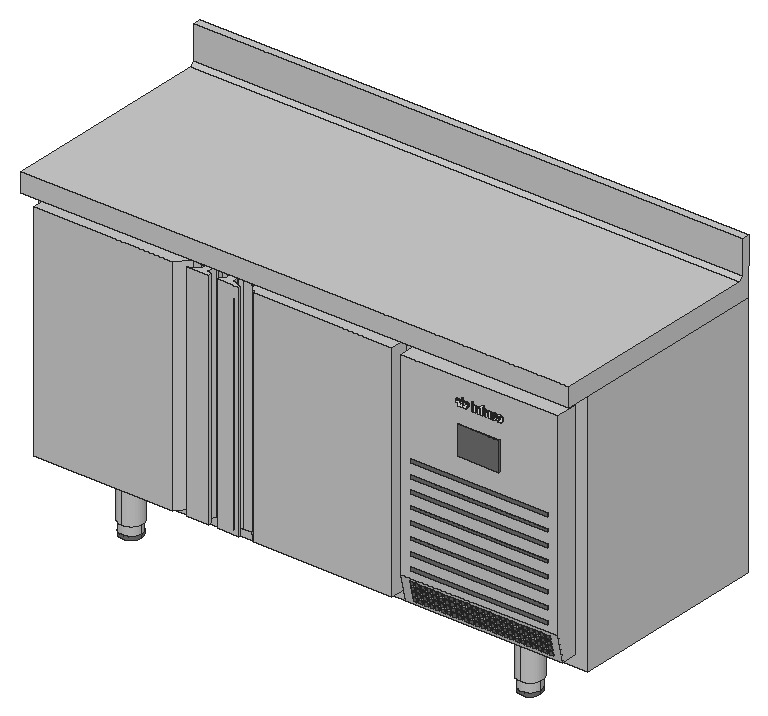
Revit family "QF_INFRICO_BMPP1500BT_250808034916", category Specialty Equipment, Revit 2021
Family settings
  Round Connector Dimension = Use Diameter
  Part Type = Normal
  OmniClass Number = 23.40.40.14
  OmniClass Title = Food Service Equipment
  Work Plane-Based = No
  Always vertical = Yes
  Cut with Voids When Loaded = No
  Shared = No
  Room Calculation Point = No
Parameters (values of type "BMPP1500BT")
  Weight [instance] = 125.00 kg
  Waste Water Discharge Temperature [instance] = 0 °C
  Waste Remarks [instance] = ""
  Warranty Start Date [instance] = ""
  Warranty Duration [instance] = ""
  Volts [instance] = 230 V
  Volt Free Conn [instance] = no
  URL Recommended Spares List [instance] = ""
  URL Manufacturer [instance] = ""
  URL Cutsheet [instance] = ""
  URL Critical Spares List [instance] = ""
  URL = "www.infrico.com"
  Technical Documentation [instance] = ""
  Tag Number [instance] = ""
  Status [instance] = ""
  Start Up Current [instance] = 0 A
  Specification by User [instance] = ""
  Specification by Manufacturer [instance] = ""
  Sound Level [instance] = ""
  Show Logo [instance] = yes
  Show Clearances [instance] = yes
  Service Life Duration [instance] = ""
  Serial Number [instance] = ""
  Seismic Rating [instance] = ""
  SMACNA No [instance] = ""
  Revision Code [instance] = ""
  Revision [instance] = ""
  Production Year [instance] = ""
  Potential Equalisation [instance] = no
  Point Load [instance] = 0
  Plumbing Connection Type [instance] = ""
  Phase [instance] = 1
  Other Equipment Approvals [instance] = ""
  Operational Current [instance] = 0 A
  Number of Poles [instance] = 2
  No Load Power Draw [instance] = no
  NAFEM Spec ID Number [instance] = ""
  Model Warning [instance] = ""
  Model = "BMPP1500BT"
  Min Ckt Ampacity [instance] = 0 A
  Max Overcurrent Protection [instance] = 0 A
  Masterspec [instance] = ""
  Manufacturer = "INFRICO"
  Main switch integrated [instance] = no
  Length Actual [instance] = 1468 mm
  Item Number [instance] = ""
  Installed By [instance] = ""
  Installation Date [instance] = ""
  Indirect Waste Size [instance] = 19.05 mm
  Indirect Waste Remarks [instance] = ""
  Indirect Waste Flow [instance] = 0.0 L/s
  Indirect Waste Connection Type [instance] = ""
  Indirect Waste Connection Height [instance] = 0 mm
  Identify Quantity as Lot [instance] = no
  ID [instance] = ""
  Hygiene Approval [instance] = ""
  Height Actual [instance] = 850 mm
  HP power [instance] = ""
  Furnished By [instance] = ""
  Foodservice Equipment Identifier [instance] = no
  FL Amps [instance] = 0 A
  Electrical Remarks [instance] = ""
  Electric power [instance] = 460 W
  Electric Connection Type [instance] = ""
  Elec Conn RI Height [instance] = 0 mm
  Elec Conn Connection Height [instance] = 0 mm
  ETL Approved [instance] = no
  Direct Waste Water Discharge Temperature [instance] = -273.15 °C
  Direct Waste Size [instance] = 19.05 mm
  Direct Waste RI Height [instance] = 0 mm
  Direct Waste Flow [instance] = 0.0 L/s
  Direct Waste Connection Height [instance] = 0 mm
  Description = "UNDERCOUNTER FREEZER 600 SERIES - R290"
  Depth Actual [instance] = 600 mm
  Default Elevation = 0 mm
  Cycle [instance] = 50 Hz
  Cost = 0
  Connection to energy optimisation system [instance] = yes
  Conn Plug [instance] = ""
  Conn Conduit [instance] = no
  Centralized building control system with digital interface [instance] = ""
  CSI MasterFormat [instance] = ""
  CE Approved [instance] = no
  Barcode [instance] = 0
  Author [instance] = ""
  Asset Identifier [instance] = ""
  Apparent Power [instance] = 460 VA
  Accessory [instance] = no
Reference planes
  plane 1 "Center (Front/Back)": y = 0
  plane 2: z = 0
  plane 3 "Center (Left/Right)": x = 0
Forms (mm)
  Extrusion 1, solid, not visible
    sketch origin (540.026, -112.005, 142.007) x (1, 0, 0) y (0, 1, 0)
      loop
        line (-2, 2) -> (-2, -2) -> (2, -2) -> (2, 2) -> (-2, 2)
    from -2 to 2
  Extrusion 2, solid, not visible
    sketch origin (1406.569, -61.503, 142.007) x (1, 0, 0) y (0, 1, 0)
      loop
        line (-2, 2) -> (-2, -2) -> (2, -2) -> (2, 2) -> (-2, 2)
    from -2 to 2
Dimensions and locks
  locked: nested 2 to Extrusion 1 at 2  (x2)
  locked: nested 3 to Extrusion 2 at 2  (x2)
  aligned and locked: level to plane 2
Nested families
  nested 1: "QF_INFRICO_BMPP1500_2920" at (0, 0, 140), type "BMPP1500BT"
    with Weight 125.00 kg, Warranty Start Date "", Warranty Duration "", URL Cutsheet "", Technical Documentation "", Tag Number "", Status "", Specification by User "", Specification by Manufacturer "", Sound Level "", Solid Fuel Type "", Show Logo yes, Show Clearances yes, Show Clearance yes, Service Life Duration "", Serial Number "", Seismic Rating "", SMACNA No "", Revision Code "", Revision "", Production Year "", Point Load 0, Other Equipment Approvals "", NAFEM Spec ID Number "", Model Warning "", Masterspec "", Length Actual 1468 mm, Item Number "", Installed By "", Installation Date "", Identify Quantity as Lot yes, ID "", Hygiene Approval "", Height Actual 850 mm, Furnished By "", Foodservice Equipment Identifier yes, ETL Approved yes, Depth Actual 600 mm, CSI MasterFormat "", CE Approved no, Barcode "", Author "", Asset Identifier "", Accessory no
  nested 2: "CONN_POINT_DRAIN_2D___Generic_Annotation" at (540.026, -112.005, 140.007), type "CONN_POINT_DRAIN_2D___Generic_Annotation"
    with Onboard connection annotation symbol visibility yes
  nested 3: "CONN_POINT_ELE_2D___Generic_Annotation" at (1406.569, -61.503, 140.007), type "CONN_POINT_ELE_2D___Generic_Annotation"
    with Onboard connection annotation symbol visibility yes
  nested 4: "QF_INFRICO_BMGN_DOOR_SX_4844" at (22, -538, 168), type "BMGN_DOOR_SX"
    with Weight 0.00 kg, Warranty Start Date "", Warranty Duration "", URL Cutsheet "", Technical Documentation "", Tag Number "", Status "", Specification by User "", Specification by Manufacturer "", Sound Level "", Solid Fuel Type "", Show Logo yes, Show Clearances yes, Show Clearance yes, Service Life Duration "", Serial Number "", Seismic Rating "", SMACNA No "", Revision Code "", Revision "", Production Year "", Point Load 0, Other Equipment Approvals "", NAFEM Spec ID Number "", Model Warning "", Masterspec "", Length Actual 467 mm, Item Number "", Installed By "", Installation Date "", Identify Quantity as Lot yes, ID "", Hygiene Approval "", Height Actual 597 mm, Furnished By "", Foodservice Equipment Identifier yes, ETL Approved yes, Depth Actual 54 mm, CSI MasterFormat "", CE Approved no, Barcode "", Author "", Asset Identifier "", Accessory yes
  nested 5: "QF_INFRICO_BMGN_DOOR_DX_5625" at (514, -538, 168), type "BMGN_DOOR_DX"
    with Weight 0.00 kg, Warranty Start Date "", Warranty Duration "", URL Cutsheet "", Technical Documentation "", Tag Number "", Status "", Specification by User "", Specification by Manufacturer "", Sound Level "", Solid Fuel Type "", Show Logo yes, Show Clearances yes, Show Clearance yes, Service Life Duration "", Serial Number "", Seismic Rating "", SMACNA No "", Revision Code "", Revision "", Production Year "", Point Load 0, Other Equipment Approvals "", NAFEM Spec ID Number "", Model Warning "", Masterspec "", Length Actual 467 mm, Item Number "", Installed By "", Installation Date "", Identify Quantity as Lot yes, ID "", Hygiene Approval "", Height Actual 597 mm, Furnished By "", Foodservice Equipment Identifier yes, ETL Approved yes, Depth Actual 54 mm, CSI MasterFormat "", CE Approved no, Barcode "", Author "", Asset Identifier "", Accessory yes
  nested 6: "QF_INFRICO_WORKTOP_BACKSPLASH_6402" at (0, 0, 800), type "ENC12CPBM15"
    with Weight 0.00 kg, Warranty Start Date "", Warranty Duration "", URL Cutsheet "", Technical Documentation "", Tag Number "", Status "", Specification by User "", Specification by Manufacturer "", Sound Level "", Solid Fuel Type "", Show Logo yes, Show Clearances yes, Show Clearance yes, Service Life Duration "", Serial Number "", Seismic Rating "", SMACNA No "", Revision Code "", Revision "", Production Year "", Point Load 0, Other Equipment Approvals "", NAFEM Spec ID Number "", Model Warning "", Masterspec "", Length Actual 1468 mm, Item Number "", Installed By "", Installation Date "", Identify Quantity as Lot yes, ID "", Hygiene Approval "", Height Actual 150 mm, Furnished By "", Foodservice Equipment Identifier yes, ETL Approved yes, Depth Actual 600 mm, CSI MasterFormat "", CE Approved no, Barcode "", Author "", Asset Identifier "", Accessory yes
  nested 7: "QF_INFRICO_LEGS_7238" at (0, 0, 0), type "LEGS_1470_600"
    with Weight 0.00 kg, Warranty Start Date "", Warranty Duration "", URL Cutsheet "", Technical Documentation "", Tag Number "", Status "", Specification by User "", Specification by Manufacturer "", Sound Level "", Solid Fuel Type "", Show Logo yes, Show Clearances yes, Show Clearance yes, Service Life Duration "", Serial Number "", Seismic Rating "", SMACNA No "", Revision Code "", Revision "", Production Year "", Point Load 0, Other Equipment Approvals "", NAFEM Spec ID Number "", Model Warning "", Masterspec "", Length Actual 1468 mm, Item Number "", Installed By "", Installation Date "", Identify Quantity as Lot yes, ID "", Hygiene Approval "", Height Actual 140 mm, Furnished By "", Foodservice Equipment Identifier yes, ETL Approved yes, Depth Actual 600 mm, CSI MasterFormat "", CE Approved no, Barcode "", Author "", Asset Identifier "", Accessory yes
Connectors
  piping at (540.026, -112.005, 140.007), diameter 19.05, driven by "Indirect Waste Size", driven by "Direct Waste Flow"
    settings: on Extrusion 1, index 1, connector inside diameter 609.6 mm, connector length 0 mm, flow factor 0, pipe flow 0.0 L/s, pressure drop 0.0 Pa, fitting loss kfactor 0, connector angle 0.00°, fixture units 0, engagement length 0 mm, angle of deflection 0.00°, flow configuration 1, flow direction 2, fitting loss method 0, system type 16, joint type 0, gender type 0, connector reference index -1, connector utility 0, adjustable connector no, is connector primary yes, connector description "Waste connection for BMPP1500BT"
  electrical at (1406.569, -61.503, 140.007), driven by "Apparent Power", driven by "Number of Poles", driven by "Volts"
    settings: on Extrusion 2, index 2, voltage 230 V, apparent load 0 VA, apparent load phase1 460 VA, apparent load phase2 0 VA, apparent load phase3 0 VA, power factor 1, load classification "Other", number of poles 2, system type 31, power factor state 1, is connector primary yes, connector utility no, sub classification motor no, connector description "Electrical connection for BMPP1500BT"
Definition of nested family "QF_INFRICO_BMPP1500_2920"
  Parameters (values of type "BMPP1500BT")
    Weight [instance] = 0.00 kg
    Warranty Start Date [instance] = ""
    Warranty Duration [instance] = ""
    URL Cutsheet [instance] = ""
    URL = "www.infrico.com"
    Technical Documentation [instance] = ""
    Tag Number [instance] = ""
    Status [instance] = ""
    Specification by User [instance] = ""
    Specification by Manufacturer [instance] = ""
    Sound Level [instance] = ""
    Solid Fuel Type [instance] = ""
    Show Logo [instance] = yes
    Show Clearances [instance] = yes
    Show Clearance [instance] = yes
    Service Life Duration [instance] = ""
    Serial Number [instance] = ""
    Seismic Rating [instance] = ""
    SMACNA No [instance] = ""
    Revision Code [instance] = ""
    Revision [instance] = ""
    Production Year [instance] = ""
    Point Load [instance] = 0
    Other Equipment Approvals [instance] = ""
    NAFEM Spec ID Number [instance] = ""
    Model Warning [instance] = ""
    Model = "BMPP1500BT"
    Masterspec [instance] = ""
    Manufacturer = "INFRICO"
    Length Actual [instance] = 0 mm
    Item Number [instance] = ""
    Installed By [instance] = ""
    Installation Date [instance] = ""
    Identify Quantity as Lot [instance] = yes
    ID [instance] = ""
    Hygiene Approval [instance] = ""
    Height Actual [instance] = 0 mm
    Furnished By [instance] = ""
    Foodservice Equipment Identifier [instance] = yes
    ETL Approved [instance] = yes
    Description = "UNDERCOUNTER FREEZER 600 SERIES - R290"
    Depth Actual [instance] = 0 mm
    Default Elevation = 0 mm
    CSI MasterFormat [instance] = ""
    CE Approved [instance] = yes
    Barcode [instance] = ""
    Author [instance] = ""
    Asset Identifier [instance] = ""
    Assembly Code = "E1090320"
    Accessory [instance] = yes
  Types (6, lengths in mm): name | Model | Description
    BMPP1500II | "BMPP1500II" | "UNDERCOUNTER REFRIGERATOR 600 SERIES - R134A"
    BMPP1500BT | "BMPP1500BT" | "UNDERCOUNTER FREEZER 600 SERIES - R290"
    BMPP1500CR | "BMPP1500CR" | "GLASS DOOR UNDERCOUNTER REFRIGERATOR 600 SERIES - R134A"
    BMPPF1500II | "BMPPF1500II" | "SINK UNDERCOUNTER REFRIGERATOR 600 SERIES - R134A"
    BMPP1500II-R290 | "BMPP1500II" | "UNDERCOUNTER REFRIGERATOR 600 SERIES - R290"
    BMPPF1500II-R290 | "BMPPF1500II" | "SINK UNDERCOUNTER REFRIGERATOR 600 SERIES - R290"
  Reference planes
    plane 1 "Back": y = 0
    plane 2: z = 0
    plane 3 "Left": x = 0
    plane 4 "Right": x = 1468
    plane 5 "Front": y = -600
    plane 6 "Top": z = 660
  Forms (mm)
    Extrusion 1, solid
      sketch origin (0, 100, -140) x (0, 1, 0) y (0, 0, 1)
        loop
          line (-638.02, 765.292) -> (-695.03, 765.292) -> (-695.03, 238.436) -> (-678.769, 168) -> (-638.02, 168) -> (-638.02, 765.292)
      from 1013.993 to 1433.993
    Extrusion 2, solid
      sketch origin (-2000, -593.13, -140) x (1, 0, 0) y (0, 0, 1)
        loop
          line (3408.016, 523.949) -> (3040.73, 523.949) -> (3040.73, 514.949) -> (3408.016, 514.949) -> (3408.016, 523.949)
        loop
          line (3408.016, 486.949) -> (3040.73, 486.949) -> (3040.73, 477.949) -> (3408.016, 477.949) -> (3408.016, 486.949)
        loop
          line (3408.016, 449.949) -> (3040.73, 449.949) -> (3040.73, 440.949) -> (3408.016, 440.949) -> (3408.016, 449.949)
        loop
          line (3408.016, 412.949) -> (3040.73, 412.949) -> (3040.73, 403.949) -> (3408.016, 403.949) -> (3408.016, 412.949)
        loop
          line (3408.016, 375.949) -> (3040.73, 375.949) -> (3040.73, 366.949) -> (3408.016, 366.949) -> (3408.016, 375.949)
        loop
          line (3408.016, 338.949) -> (3040.73, 338.949) -> (3040.73, 329.949) -> (3408.016, 329.949) -> (3408.016, 338.949)
        loop
          line (3408.016, 301.949) -> (3040.73, 301.949) -> (3040.73, 292.949) -> (3408.016, 292.949) -> (3408.016, 301.949)
        loop
          line (3408.016, 264.949) -> (3040.73, 264.949) -> (3040.73, 255.949) -> (3408.016, 255.949) -> (3408.016, 264.949)
      from 0 to 2
    Extrusion 3, solid
      sketch origin (-2000, -539.263, -134.673) x (1, 0, 0) y (0, -0.224951, 0.97437)
        loop
          line (3036.73, 215.974) -> (3036.73, 205.974) -> (3046.73, 205.974) -> (3046.73, 215.974) -> (3036.73, 215.974)
        loop
          line (3036.73, 230.769) -> (3036.73, 220.769) -> (3046.73, 220.769) -> (3046.73, 230.769) -> (3036.73, 230.769)
        loop
          line (3036.73, 186.385) -> (3036.73, 176.385) -> (3046.73, 176.385) -> (3046.73, 186.385) -> (3036.73, 186.385)
        loop
          line (3036.73, 201.179) -> (3036.73, 191.179) -> (3046.73, 191.179) -> (3046.73, 201.179) -> (3036.73, 201.179)
        loop
          line (3051.938, 215.974) -> (3051.938, 205.974) -> (3061.938, 205.974) -> (3061.938, 215.974) -> (3051.938, 215.974)
        loop
          line (3051.938, 230.769) -> (3051.938, 220.769) -> (3061.938, 220.769) -> (3061.938, 230.769) -> (3051.938, 230.769)
        loop
          line (3051.938, 186.385) -> (3051.938, 176.385) -> (3061.938, 176.385) -> (3061.938, 186.385) -> (3051.938, 186.385)
        loop
          line (3051.938, 201.179) -> (3051.938, 191.179) -> (3061.938, 191.179) -> (3061.938, 201.179) -> (3051.938, 201.179)
        loop
          line (3067.147, 215.974) -> (3067.147, 205.974) -> (3077.147, 205.974) -> (3077.147, 215.974) -> (3067.147, 215.974)
        loop
          line (3067.147, 230.769) -> (3067.147, 220.769) -> (3077.147, 220.769) -> (3077.147, 230.769) -> (3067.147, 230.769)
        loop
          line (3067.147, 186.385) -> (3067.147, 176.385) -> (3077.147, 176.385) -> (3077.147, 186.385) -> (3067.147, 186.385)
        loop
          line (3067.147, 201.179) -> (3067.147, 191.179) -> (3077.147, 191.179) -> (3077.147, 201.179) -> (3067.147, 201.179)
        loop
          line (3082.355, 215.974) -> (3082.355, 205.974) -> (3092.355, 205.974) -> (3092.355, 215.974) -> (3082.355, 215.974)
        loop
          line (3082.355, 230.769) -> (3082.355, 220.769) -> (3092.355, 220.769) -> (3092.355, 230.769) -> (3082.355, 230.769)
        loop
          line (3082.355, 186.385) -> (3082.355, 176.385) -> (3092.355, 176.385) -> (3092.355, 186.385) -> (3082.355, 186.385)
        loop
          line (3082.355, 201.179) -> (3082.355, 191.179) -> (3092.355, 191.179) -> (3092.355, 201.179) -> (3082.355, 201.179)
        loop
          line (3097.563, 215.974) -> (3097.563, 205.974) -> (3107.563, 205.974) -> (3107.563, 215.974) -> (3097.563, 215.974)
        loop
          line (3097.563, 230.769) -> (3097.563, 220.769) -> (3107.563, 220.769) -> (3107.563, 230.769) -> (3097.563, 230.769)
        loop
          line (3097.563, 186.385) -> (3097.563, 176.385) -> (3107.563, 176.385) -> (3107.563, 186.385) -> (3097.563, 186.385)
        loop
          line (3097.563, 201.179) -> (3097.563, 191.179) -> (3107.563, 191.179) -> (3107.563, 201.179) -> (3097.563, 201.179)
        loop
          line (3112.772, 215.974) -> (3112.772, 205.974) -> (3122.772, 205.974) -> (3122.772, 215.974) -> (3112.772, 215.974)
        loop
          line (3112.772, 230.769) -> (3112.772, 220.769) -> (3122.772, 220.769) -> (3122.772, 230.769) -> (3112.772, 230.769)
        loop
          line (3112.772, 186.385) -> (3112.772, 176.385) -> (3122.772, 176.385) -> (3122.772, 186.385) -> (3112.772, 186.385)
        loop
          line (3112.772, 201.179) -> (3112.772, 191.179) -> (3122.772, 191.179) -> (3122.772, 201.179) -> (3112.772, 201.179)
        loop
          line (3127.98, 215.974) -> (3127.98, 205.974) -> (3137.98, 205.974) -> (3137.98, 215.974) -> (3127.98, 215.974)
        loop
          line (3127.98, 230.769) -> (3127.98, 220.769) -> (3137.98, 220.769) -> (3137.98, 230.769) -> (3127.98, 230.769)
        loop
          line (3127.98, 186.385) -> (3127.98, 176.385) -> (3137.98, 176.385) -> (3137.98, 186.385) -> (3127.98, 186.385)
        loop
          line (3127.98, 201.179) -> (3127.98, 191.179) -> (3137.98, 191.179) -> (3137.98, 201.179) -> (3127.98, 201.179)
        loop
          line (3143.188, 215.974) -> (3143.188, 205.974) -> (3153.188, 205.974) -> (3153.188, 215.974) -> (3143.188, 215.974)
        loop
          line (3143.188, 230.769) -> (3143.188, 220.769) -> (3153.188, 220.769) -> (3153.188, 230.769) -> (3143.188, 230.769)
        loop
          line (3143.188, 186.385) -> (3143.188, 176.385) -> (3153.188, 176.385) -> (3153.188, 186.385) -> (3143.188, 186.385)
        loop
          line (3143.188, 201.179) -> (3143.188, 191.179) -> (3153.188, 191.179) -> (3153.188, 201.179) -> (3143.188, 201.179)
        loop
          line (3158.397, 215.974) -> (3158.397, 205.974) -> (3168.397, 205.974) -> (3168.397, 215.974) -> (3158.397, 215.974)
        loop
          line (3158.397, 230.769) -> (3158.397, 220.769) -> (3168.397, 220.769) -> (3168.397, 230.769) -> (3158.397, 230.769)
        loop
          line (3158.397, 186.385) -> (3158.397, 176.385) -> (3168.397, 176.385) -> (3168.397, 186.385) -> (3158.397, 186.385)
        loop
          line (3158.397, 201.179) -> (3158.397, 191.179) -> (3168.397, 191.179) -> (3168.397, 201.179) -> (3158.397, 201.179)
        loop
          line (3173.605, 215.974) -> (3173.605, 205.974) -> (3183.605, 205.974) -> (3183.605, 215.974) -> (3173.605, 215.974)
        loop
          line (3173.605, 230.769) -> (3173.605, 220.769) -> (3183.605, 220.769) -> (3183.605, 230.769) -> (3173.605, 230.769)
        loop
          line (3173.605, 186.385) -> (3173.605, 176.385) -> (3183.605, 176.385) -> (3183.605, 186.385) -> (3173.605, 186.385)
        loop
          line (3173.605, 201.179) -> (3173.605, 191.179) -> (3183.605, 191.179) -> (3183.605, 201.179) -> (3173.605, 201.179)
        loop
          line (3188.813, 215.974) -> (3188.813, 205.974) -> (3198.813, 205.974) -> (3198.813, 215.974) -> (3188.813, 215.974)
        loop
          line (3188.813, 230.769) -> (3188.813, 220.769) -> (3198.813, 220.769) -> (3198.813, 230.769) -> (3188.813, 230.769)
        loop
          line (3188.813, 186.385) -> (3188.813, 176.385) -> (3198.813, 176.385) -> (3198.813, 186.385) -> (3188.813, 186.385)
        loop
          line (3188.813, 201.179) -> (3188.813, 191.179) -> (3198.813, 191.179) -> (3198.813, 201.179) -> (3188.813, 201.179)
        loop
          line (3204.022, 215.974) -> (3204.022, 205.974) -> (3214.022, 205.974) -> (3214.022, 215.974) -> (3204.022, 215.974)
        loop
          line (3204.022, 230.769) -> (3204.022, 220.769) -> (3214.022, 220.769) -> (3214.022, 230.769) -> (3204.022, 230.769)
        loop
          line (3204.022, 186.385) -> (3204.022, 176.385) -> (3214.022, 176.385) -> (3214.022, 186.385) -> (3204.022, 186.385)
        loop
          line (3204.022, 201.179) -> (3204.022, 191.179) -> (3214.022, 191.179) -> (3214.022, 201.179) -> (3204.022, 201.179)
        loop
          line (3219.23, 215.974) -> (3219.23, 205.974) -> (3229.23, 205.974) -> (3229.23, 215.974) -> (3219.23, 215.974)
        loop
          line (3219.23, 230.769) -> (3219.23, 220.769) -> (3229.23, 220.769) -> (3229.23, 230.769) -> (3219.23, 230.769)
        loop
          line (3219.23, 186.385) -> (3219.23, 176.385) -> (3229.23, 176.385) -> (3229.23, 186.385) -> (3219.23, 186.385)
        loop
          line (3219.23, 201.179) -> (3219.23, 191.179) -> (3229.23, 191.179) -> (3229.23, 201.179) -> (3219.23, 201.179)
        loop
          line (3234.438, 215.974) -> (3234.438, 205.974) -> (3244.438, 205.974) -> (3244.438, 215.974) -> (3234.438, 215.974)
        loop
          line (3234.438, 230.769) -> (3234.438, 220.769) -> (3244.438, 220.769) -> (3244.438, 230.769) -> (3234.438, 230.769)
        loop
          line (3234.438, 186.385) -> (3234.438, 176.385) -> (3244.438, 176.385) -> (3244.438, 186.385) -> (3234.438, 186.385)
        loop
          line (3234.438, 201.179) -> (3234.438, 191.179) -> (3244.438, 191.179) -> (3244.438, 201.179) -> (3234.438, 201.179)
        loop
          line (3249.647, 215.974) -> (3249.647, 205.974) -> (3259.647, 205.974) -> (3259.647, 215.974) -> (3249.647, 215.974)
        loop
          line (3249.647, 230.769) -> (3249.647, 220.769) -> (3259.647, 220.769) -> (3259.647, 230.769) -> (3249.647, 230.769)
        loop
          line (3249.647, 186.385) -> (3249.647, 176.385) -> (3259.647, 176.385) -> (3259.647, 186.385) -> (3249.647, 186.385)
        loop
          line (3249.647, 201.179) -> (3249.647, 191.179) -> (3259.647, 191.179) -> (3259.647, 201.179) -> (3249.647, 201.179)
        loop
          line (3264.855, 215.974) -> (3264.855, 205.974) -> (3274.855, 205.974) -> (3274.855, 215.974) -> (3264.855, 215.974)
        loop
          line (3264.855, 230.769) -> (3264.855, 220.769) -> (3274.855, 220.769) -> (3274.855, 230.769) -> (3264.855, 230.769)
        loop
          line (3264.855, 186.385) -> (3264.855, 176.385) -> (3274.855, 176.385) -> (3274.855, 186.385) -> (3264.855, 186.385)
        loop
          line (3264.855, 201.179) -> (3264.855, 191.179) -> (3274.855, 191.179) -> (3274.855, 201.179) -> (3264.855, 201.179)
        loop
          line (3280.063, 215.974) -> (3280.063, 205.974) -> (3290.063, 205.974) -> (3290.063, 215.974) -> (3280.063, 215.974)
        loop
          line (3280.063, 230.769) -> (3280.063, 220.769) -> (3290.063, 220.769) -> (3290.063, 230.769) -> (3280.063, 230.769)
        loop
          line (3280.063, 186.385) -> (3280.063, 176.385) -> (3290.063, 176.385) -> (3290.063, 186.385) -> (3280.063, 186.385)
        loop
          line (3280.063, 201.179) -> (3280.063, 191.179) -> (3290.063, 191.179) -> (3290.063, 201.179) -> (3280.063, 201.179)
        loop
          line (3295.272, 215.974) -> (3295.272, 205.974) -> (3305.272, 205.974) -> (3305.272, 215.974) -> (3295.272, 215.974)
        loop
          line (3295.272, 230.769) -> (3295.272, 220.769) -> (3305.272, 220.769) -> (3305.272, 230.769) -> (3295.272, 230.769)
        loop
          line (3295.272, 186.385) -> (3295.272, 176.385) -> (3305.272, 176.385) -> (3305.272, 186.385) -> (3295.272, 186.385)
        loop
          line (3295.272, 201.179) -> (3295.272, 191.179) -> (3305.272, 191.179) -> (3305.272, 201.179) -> (3295.272, 201.179)
        loop
          line (3310.48, 215.974) -> (3310.48, 205.974) -> (3320.48, 205.974) -> (3320.48, 215.974) -> (3310.48, 215.974)
        loop
          line (3310.48, 230.769) -> (3310.48, 220.769) -> (3320.48, 220.769) -> (3320.48, 230.769) -> (3310.48, 230.769)
        loop
          line (3310.48, 186.385) -> (3310.48, 176.385) -> (3320.48, 176.385) -> (3320.48, 186.385) -> (3310.48, 186.385)
        loop
          line (3310.48, 201.179) -> (3310.48, 191.179) -> (3320.48, 191.179) -> (3320.48, 201.179) -> (3310.48, 201.179)
        loop
          line (3325.688, 215.974) -> (3325.688, 205.974) -> (3335.688, 205.974) -> (3335.688, 215.974) -> (3325.688, 215.974)
        loop
          line (3325.688, 230.769) -> (3325.688, 220.769) -> (3335.688, 220.769) -> (3335.688, 230.769) -> (3325.688, 230.769)
        loop
          line (3325.688, 186.385) -> (3325.688, 176.385) -> (3335.688, 176.385) -> (3335.688, 186.385) -> (3325.688, 186.385)
        loop
          line (3325.688, 201.179) -> (3325.688, 191.179) -> (3335.688, 191.179) -> (3335.688, 201.179) -> (3325.688, 201.179)
        loop
          line (3340.897, 215.974) -> (3340.897, 205.974) -> (3350.897, 205.974) -> (3350.897, 215.974) -> (3340.897, 215.974)
        loop
          line (3340.897, 230.769) -> (3340.897, 220.769) -> (3350.897, 220.769) -> (3350.897, 230.769) -> (3340.897, 230.769)
        loop
          line (3340.897, 186.385) -> (3340.897, 176.385) -> (3350.897, 176.385) -> (3350.897, 186.385) -> (3340.897, 186.385)
        loop
          line (3340.897, 201.179) -> (3340.897, 191.179) -> (3350.897, 191.179) -> (3350.897, 201.179) -> (3340.897, 201.179)
        loop
          line (3356.105, 215.974) -> (3356.105, 205.974) -> (3366.105, 205.974) -> (3366.105, 215.974) -> (3356.105, 215.974)
        loop
          line (3356.105, 230.769) -> (3356.105, 220.769) -> (3366.105, 220.769) -> (3366.105, 230.769) -> (3356.105, 230.769)
        loop
          line (3356.105, 186.385) -> (3356.105, 176.385) -> (3366.105, 176.385) -> (3366.105, 186.385) -> (3356.105, 186.385)
        loop
          line (3356.105, 201.179) -> (3356.105, 191.179) -> (3366.105, 191.179) -> (3366.105, 201.179) -> (3356.105, 201.179)
        loop
          line (3371.313, 215.974) -> (3371.313, 205.974) -> (3381.313, 205.974) -> (3381.313, 215.974) -> (3371.313, 215.974)
        loop
          line (3371.313, 230.769) -> (3371.313, 220.769) -> (3381.313, 220.769) -> (3381.313, 230.769) -> (3371.313, 230.769)
        loop
          line (3371.313, 186.385) -> (3371.313, 176.385) -> (3381.313, 176.385) -> (3381.313, 186.385) -> (3371.313, 186.385)
        loop
          line (3371.313, 201.179) -> (3371.313, 191.179) -> (3381.313, 191.179) -> (3381.313, 201.179) -> (3371.313, 201.179)
        loop
          line (3386.522, 215.974) -> (3386.522, 205.974) -> (3396.522, 205.974) -> (3396.522, 215.974) -> (3386.522, 215.974)
        loop
          line (3386.522, 230.769) -> (3386.522, 220.769) -> (3396.522, 220.769) -> (3396.522, 230.769) -> (3386.522, 230.769)
        loop
          line (3386.522, 186.385) -> (3386.522, 176.385) -> (3396.522, 176.385) -> (3396.522, 186.385) -> (3386.522, 186.385)
        loop
          line (3386.522, 201.179) -> (3386.522, 191.179) -> (3396.522, 191.179) -> (3396.522, 201.179) -> (3386.522, 201.179)
        loop
          line (3401.73, 215.974) -> (3401.73, 205.974) -> (3411.73, 205.974) -> (3411.73, 215.974) -> (3401.73, 215.974)
        loop
          line (3401.73, 230.769) -> (3401.73, 220.769) -> (3411.73, 220.769) -> (3411.73, 230.769) -> (3401.73, 230.769)
        loop
          line (3401.73, 186.385) -> (3401.73, 176.385) -> (3411.73, 176.385) -> (3411.73, 186.385) -> (3401.73, 186.385)
        loop
          line (3401.73, 201.179) -> (3401.73, 191.179) -> (3411.73, 191.179) -> (3411.73, 201.179) -> (3401.73, 201.179)
      from 0 to 2
    Extrusion 4, solid, visible <- "Show Logo"
      sketch origin (-0.986, -593.13, -140) x (1, 0, 0) y (0, 0, 1)
        loop
          line (1208.799, 696.53) -> (1208.799, 719.204) -> (1204.173, 719.204) -> (1204.173, 696.53) -> (1208.799, 696.53)
        loop
          line (1214.779, 713.006) -> (1211.283, 713.006) -> (1211.283, 696.53) -> (1215.772, 696.53) -> (1215.772, 707.832)
          arc (1215.772, 707.832) -> (1217.528, 708.741) -> (1219.417, 709.324) r 11.052
          arc (1219.417, 709.324) -> (1220.929, 708.961) -> (1221.598, 707.557) r 1.806
          line (1221.598, 707.557) -> (1221.598, 696.53) -> (1226.121, 696.53) -> (1226.121, 708.689)
          arc (1226.121, 708.689) -> (1224.637, 712.075) -> (1221.141, 713.281) r 4.607
          arc (1221.141, 713.281) -> (1218.282, 712.674) -> (1215.669, 711.361) r 11.435
          line (1215.669, 711.361) -> (1215.601, 712.184)
          arc (1215.601, 712.184) -> (1215.36, 712.765) -> (1214.779, 713.006) r 0.822
        loop
          line (1238.557, 720.102) -> (1237.306, 720.102)
          arc (1237.306, 720.102) -> (1235.052, 719.926) -> (1232.881, 719.297) r 11.103
          arc (1232.881, 719.297) -> (1230.805, 717.616) -> (1230.024, 715.062) r 4.567
          line (1230.024, 715.062) -> (1230.024, 712.909) -> (1227.351, 712.703) -> (1227.351, 709.374) -> (1230.024, 709.374) -> (1230.024, 696.53) -> (1234.547, 696.53) -> (1234.547, 709.374) -> (1238.249, 709.374) -> (1238.249, 712.938) -> (1234.547, 712.938) -> (1234.547, 714.548)
          arc (1234.547, 714.548) -> (1234.956, 715.705) -> (1236.045, 716.271) r 1.67
          line (1236.045, 716.271) -> (1237.7, 716.399)
          arc (1237.7, 716.399) -> (1238.306, 716.65) -> (1238.557, 717.255) r 0.857
          line (1238.557, 717.255) -> (1238.557, 720.102)
        loop
          line (1239.479, 713.006) -> (1239.479, 696.53) -> (1243.968, 696.53) -> (1243.968, 707.352)
          arc (1243.968, 707.352) -> (1245.873, 708.631) -> (1248.077, 709.268) r 7.435
          line (1248.077, 709.268) -> (1249.241, 709.416)
          arc (1249.241, 709.416) -> (1249.643, 709.758) -> (1249.793, 710.265) r 0.928
          line (1249.793, 710.265) -> (1249.793, 712.458)
          arc (1249.793, 712.458) -> (1249.531, 713.061) -> (1248.912, 713.28) r 0.824
          arc (1248.912, 713.28) -> (1246.197, 712.588) -> (1243.899, 710.984) r 7.833
          line (1243.899, 710.984) -> (1243.726, 713.006) -> (1239.479, 713.006)
        loop
          line (1255.495, 696.53) -> (1255.495, 713.006) -> (1251.006, 713.006) -> (1251.006, 696.53) -> (1255.495, 696.53)
        loop
          arc (1257.421, 701.327) -> (1258.567, 698.188) -> (1261.466, 696.525) r 4.873
          arc (1261.466, 696.525) -> (1264.493, 696.266) -> (1267.521, 696.525) r 17.816
          arc (1267.521, 696.525) -> (1270.575, 699.134) -> (1271.505, 703.041) r 6.481
          line (1271.505, 703.041) -> (1267.187, 703.041) -> (1267.187, 701.67)
          arc (1267.187, 701.67) -> (1266.64, 700.452) -> (1265.442, 699.865) r 1.965
          arc (1265.442, 699.865) -> (1264.547, 699.816) -> (1263.653, 699.865) r 8.196
          arc (1263.653, 699.865) -> (1262.417, 700.415) -> (1261.91, 701.67) r 1.806
          line (1261.91, 701.67) -> (1261.91, 707.9)
          arc (1261.91, 707.9) -> (1262.417, 709.155) -> (1263.653, 709.705) r 1.806
          arc (1263.653, 709.705) -> (1264.547, 709.754) -> (1265.442, 709.705) r 8.196
          arc (1265.442, 709.705) -> (1266.64, 709.118) -> (1267.187, 707.9) r 1.965
          line (1267.187, 707.9) -> (1267.187, 706.838) -> (1271.505, 706.838)
          arc (1271.505, 706.838) -> (1270.524, 710.556) -> (1267.521, 712.959) r 6.132
          arc (1267.521, 712.959) -> (1264.493, 713.294) -> (1261.466, 712.959) r 13.851
          arc (1261.466, 712.959) -> (1258.571, 711.349) -> (1257.421, 708.243) r 4.772
          line (1257.421, 708.243) -> (1257.421, 701.327)
        loop
          arc (1272.916, 701.329) -> (1273.993, 698.345) -> (1276.726, 696.734) r 4.676
          arc (1276.726, 696.734) -> (1278.515, 696.455) -> (1280.318, 696.291) r 28.371
          arc (1280.318, 696.291) -> (1282.122, 696.455) -> (1283.911, 696.734) r 28.371
          arc (1283.911, 696.734) -> (1286.644, 698.345) -> (1287.72, 701.329) r 4.676
          line (1287.72, 701.329) -> (1287.72, 708.242)
          arc (1287.72, 708.242) -> (1286.644, 711.226) -> (1283.911, 712.837) r 4.676
          arc (1283.911, 712.837) -> (1282.122, 713.116) -> (1280.318, 713.28) r 28.371
          arc (1280.318, 713.28) -> (1278.515, 713.116) -> (1276.726, 712.837) r 28.371
          arc (1276.726, 712.837) -> (1273.993, 711.226) -> (1272.916, 708.242) r 4.676
          line (1272.916, 708.242) -> (1272.916, 701.329)
        loop
          line (1277.405, 707.866) -> (1277.405, 701.705)
          arc (1277.405, 701.705) -> (1277.844, 700.556) -> (1278.936, 699.991) r 1.725
          arc (1278.936, 699.991) -> (1279.627, 699.918) -> (1280.318, 699.856) r 46.133
          arc (1280.318, 699.856) -> (1281.01, 699.918) -> (1281.701, 699.991) r 46.133
          arc (1281.701, 699.991) -> (1282.793, 700.556) -> (1283.231, 701.705) r 1.725
          line (1283.231, 701.705) -> (1283.231, 707.866)
          arc (1283.231, 707.866) -> (1282.793, 709.015) -> (1281.701, 709.58) r 1.725
          arc (1281.701, 709.58) -> (1281.01, 709.653) -> (1280.318, 709.716) r 46.133
          arc (1280.318, 709.716) -> (1279.627, 709.653) -> (1278.936, 709.58) r 46.133
          arc (1278.936, 709.58) -> (1277.844, 709.015) -> (1277.405, 707.866) r 1.725
        loop
          arc (1190.339, 696.543) -> (1191.411, 696.987) -> (1191.856, 698.059) r 1.516
          line (1191.856, 698.059) -> (1191.856, 703.891) -> (1196.035, 703.891)
          arc (1196.035, 703.891) -> (1196.79, 704.121) -> (1197.218, 704.782) r 1.147
          line (1197.218, 704.782) -> (1197.218, 706.211)
          arc (1197.218, 706.211) -> (1196.787, 707.258) -> (1195.719, 707.634) r 1.385
          line (1195.719, 707.634) -> (1194.52, 707.634) -> (1197.218, 710.332)
          arc (1197.218, 710.332) -> (1197.605, 711.266) -> (1197.218, 712.2) r 1.321
          line (1197.218, 712.2) -> (1196.495, 712.923)
          arc (1196.495, 712.923) -> (1195.54, 713.338) -> (1194.558, 712.991) r 1.422
          line (1194.558, 712.991) -> (1191.853, 710.286) -> (1191.853, 711.479)
          arc (1191.853, 711.479) -> (1191.443, 712.516) -> (1190.435, 712.992) r 1.516
          line (1190.435, 712.992) -> (1189.514, 712.992)
          arc (1189.514, 712.992) -> (1188.511, 712.514) -> (1188.103, 711.479) r 1.516
          line (1188.103, 711.479) -> (1188.103, 706.83) -> (1182.073, 701.336) -> (1182.073, 707.509) -> (1185.639, 711.075)
          arc (1185.639, 711.075) -> (1186.053, 712.073) -> (1185.639, 713.071) r 1.412
          line (1185.639, 713.071) -> (1184.987, 713.723)
          arc (1184.987, 713.723) -> (1183.939, 714.141) -> (1182.915, 713.667) r 1.428
          line (1182.915, 713.667) -> (1182.073, 712.825) -> (1182.073, 717.784)
          arc (1182.073, 717.784) -> (1181.658, 718.787) -> (1180.655, 719.203) r 1.418
          line (1180.655, 719.203) -> (1179.726, 719.203)
          arc (1179.726, 719.203) -> (1178.723, 718.787) -> (1178.308, 717.784) r 1.418
          line (1178.308, 717.784) -> (1178.308, 712.825) -> (1177.466, 713.667)
          arc (1177.466, 713.667) -> (1176.442, 714.141) -> (1175.394, 713.723) r 1.428
          line (1175.394, 713.723) -> (1174.742, 713.071)
          arc (1174.742, 713.071) -> (1174.328, 712.073) -> (1174.742, 711.075) r 1.412
          line (1174.742, 711.075) -> (1178.308, 707.509) -> (1178.308, 701.336) -> (1172.278, 706.83) -> (1172.278, 711.479)
          arc (1172.278, 711.479) -> (1171.87, 712.514) -> (1170.867, 712.992) r 1.516
          line (1170.867, 712.992) -> (1169.946, 712.992)
          arc (1169.946, 712.992) -> (1168.938, 712.516) -> (1168.528, 711.479) r 1.516
          line (1168.528, 711.479) -> (1168.528, 710.286) -> (1165.823, 712.991)
          arc (1165.823, 712.991) -> (1164.841, 713.338) -> (1163.886, 712.923) r 1.422
          line (1163.886, 712.923) -> (1163.163, 712.2)
          arc (1163.163, 712.2) -> (1162.776, 711.266) -> (1163.163, 710.332) r 1.321
          line (1163.163, 710.332) -> (1165.861, 707.634) -> (1164.662, 707.634)
          arc (1164.662, 707.634) -> (1163.594, 707.258) -> (1163.163, 706.211) r 1.385
          line (1163.163, 706.211) -> (1163.163, 704.782)
          arc (1163.163, 704.782) -> (1163.591, 704.121) -> (1164.346, 703.891) r 1.147
          line (1164.346, 703.891) -> (1168.525, 703.891) -> (1168.525, 698.059)
          arc (1168.525, 698.059) -> (1168.969, 696.987) -> (1170.042, 696.543) r 1.516
          line (1170.042, 696.543) -> (1190.339, 696.543)
      from 0 to 2
    Extrusion 5, solid
      sketch origin (-0.986, 100, -140) x (1, 0, 0) y (0, 0, 1)
        loop
          line (1169.616, 654.3) -> (1169.616, 577.9) -> (1281.216, 577.9) -> (1281.216, 654.3) -> (1169.616, 654.3)
      from 695.03 to 698.23
    Extrusion 6, solid
      sketch origin (866.5, 58.5, 0) x (1, 0, 0) y (0, 1, 0)
        loop
          circle (540, -120) r 12.7
      from -5 to 0
    Extrusion 7, solid
      sketch origin (0, 0, 0) x (1, 0, 0) y (0, 1, 0)
        loop
          circle (540, -112) r 9.525
      from -5 to 0
    Extrusion 8, solid
      sketch origin (0, 0, 0) x (1, 0, 0) y (0, 1, 0)
        loop
          line (0, -538.02) -> (1468, -538.02) -> (1468, 0) -> (0, 0) -> (0, -538.02)
        loop
          line (60, -60) -> (60, -478.02) -> (1408, -478.02) -> (1408, -60) -> (60, -60)
      from 0 to 660
    Extrusion 9, solid
      sketch origin (0, 0, 0) x (1, 0, 0) y (0, 0, 1)
        loop
          line (60, 0) -> (1408, 0) -> (1408, 60) -> (60, 60) -> (60, 0)
      from 60 to 478.02
    Extrusion 10, void
      sketch origin (0, 0, 0) x (1, 0, 0) y (0, 0, 1)
        loop
          line (60, 600) -> (60, 60) -> (920, 60) -> (920, 600) -> (60, 600)
      from 60 to 538.02
    Extrusion 11, solid
      sketch origin (0, 100, 0) x (1, 0, 0) y (0, 1, 0)
        loop
          line (454, -638.02) -> (549, -638.02) -> (549, -628.02) -> (454, -628.02) -> (454, -638.02)
      from 60 to 600
  Cuts and joins
    Extrusion 10 cuts Extrusion 8
    Extrusion 10 cuts Extrusion 9
    joined: Extrusion 8, Extrusion 9
  Lines and regions (mm)
    symbolic lines, visible <- "Show Clearance"
      curve 1: line (1468, 0, 0) -> (0, 0, 0)
      curve 2: line (0, 0, 0) -> (0, -600, 0)
      curve 3: line (0, -600, 0) -> (1468, -600, 0)
      curve 4: line (1468, -600, 0) -> (1468, 0, 0)
  Dimensions and locks
    plane 4 "Right" to plane 3 "Left" = 1468 mm
    plane 6 "Top" to level = 660 mm
    plane 1 "Back" to plane 5 "Front" = 600 mm  (x2)
    plane 3 "Left" to plane 4 "Right" = 1468 mm
    aligned and locked: level to plane 2
  Connectors
    electrical at (1406.5, -61.5, -5)
      settings: on Extrusion 6, index 1, voltage 0 V, apparent load 0 VA, apparent load phase1 0 VA, apparent load phase2 0 VA, apparent load phase3 0 VA, power factor 1, load classification none, number of poles 1, system type 31, power factor state 1, is connector primary yes, connector utility no, sub classification motor no, connector description "Electrical collection"
    piping at (540, -112, -5), diameter 19.1
      settings: on Extrusion 7, index 2, connector inside diameter 609.6 mm, connector length 0 mm, flow factor 0, pipe flow 0.0 L/s, pressure drop 0.0 Pa, fitting loss kfactor 0, connector angle 0.00°, fixture units 0, engagement length 0 mm, angle of deflection 0.00°, flow configuration 1, flow direction 2, fitting loss method 0, system type 16, joint type 0, gender type 0, connector reference index -1, connector utility 0, adjustable connector no, is connector primary yes, connector description "Drain connection"
Definition of nested family "QF_INFRICO_BMGN_DOOR_SX_4844"
  Parameters (values of type "BMGN_DOOR_SX")
    Weight [instance] = 0.00 kg
    Warranty Start Date [instance] = ""
    Warranty Duration [instance] = ""
    URL Cutsheet [instance] = ""
    URL = "www.infrico.com"
    Technical Documentation [instance] = ""
    Tag Number [instance] = ""
    Status [instance] = ""
    Specification by User [instance] = ""
    Specification by Manufacturer [instance] = ""
    Sound Level [instance] = ""
    Solid Fuel Type [instance] = ""
    Show Logo [instance] = yes
    Show Clearances [instance] = yes
    Show Clearance [instance] = yes
    Service Life Duration [instance] = ""
    Serial Number [instance] = ""
    Seismic Rating [instance] = ""
    SMACNA No [instance] = ""
    Revision Code [instance] = ""
    Revision [instance] = ""
    Production Year [instance] = ""
    Point Load [instance] = 0
    Other Equipment Approvals [instance] = ""
    NAFEM Spec ID Number [instance] = ""
    Model Warning [instance] = ""
    Model = "BMGN_DOOR_SX"
    Masterspec [instance] = ""
    Manufacturer = "INFRICO"
    Length Actual [instance] = 0 mm
    Item Number [instance] = ""
    Installed By [instance] = ""
    Installation Date [instance] = ""
    Identify Quantity as Lot [instance] = yes
    ID [instance] = ""
    Hygiene Approval [instance] = ""
    Height Actual [instance] = 0 mm
    Furnished By [instance] = ""
    Foodservice Equipment Identifier [instance] = yes
    ETL Approved [instance] = yes
    Description = "LEFT DOOR"
    Depth Actual [instance] = 0 mm
    Default Elevation = 0 mm
    CSI MasterFormat [instance] = ""
    CE Approved [instance] = yes
    Barcode [instance] = ""
    Author [instance] = ""
    Asset Identifier [instance] = ""
    Assembly Code = "E1090320"
    Accessory [instance] = yes
  Reference planes
    plane 1 "Back": y = 0
    plane 2: z = 0
    plane 3 "Left": x = 0
    plane 4 "Right": x = 467
    plane 5 "Front": y = -44
    plane 6 "Top": z = 597
  Forms (mm)
    Extrusion 1, solid
      sketch origin (2981.326, 654.02, -168.61) x (-1, 0, 0) y (0, -1, 0)
        loop
          line (2610.426, 698.02) -> (2580.356, 667.95) -> (2557.604, 667.95) -> (2546.663, 670.881)
          arc (2546.663, 670.881) -> (2545.582, 671.631) -> (2545.222, 672.896) r 1.95
          line (2545.222, 672.896) -> (2545.566, 682.741)
          arc (2545.566, 682.741) -> (2545.774, 683.563) -> (2546.304, 684.224) r 2.001
          line (2546.304, 684.224) -> (2571.566, 694.947) -> (2571.566, 698.02) -> (2514.326, 698.02) -> (2514.326, 690.261) -> (2526.525, 683.218) -> (2521.592, 664.81) -> (2514.326, 664.81) -> (2514.326, 654.02) -> (2981.326, 654.02) -> (2981.326, 698.02) -> (2610.426, 698.02)
      from 168.61 to 765.61
    Extrusion 2, solid, visible <- "Show Clearance", detail levels coarse
      sketch origin (0, 0, 0) x (1, 0, 0) y (0, 1, 0)
        loop
          line (0, -44) -> (0, -467) -> (44, -467)
          arc (44, -467) -> (343.106, -343.106) -> (467, -44) r 423
          line (467, -44) -> (0, -44)
      from 0 to 597
  Lines and regions (mm)
    symbolic lines
      curve 1: arc (466.617, -62, 0) -> (336.673, -349.404, 0) -> (44, -467, 0) r 423
      curve 2: line (0, -467, 0) -> (0, -62, 0)
      curve 3: line (44, -467, 0) -> (0, -467, 0)
  Dimensions and locks
    plane 4 "Right" to plane 3 "Left" = 467 mm
    plane 6 "Top" to level = 597 mm  (x2)
    plane 1 "Back" to plane 5 "Front" = 44 mm  (x2)
    plane 3 "Left" to plane 4 "Right" = 467 mm
    aligned and locked: level to plane 2
Definition of nested family "QF_INFRICO_BMGN_DOOR_DX_5625"
  Parameters (values of type "BMGN_DOOR_DX")
    Weight [instance] = 0.00 kg
    Warranty Start Date [instance] = ""
    Warranty Duration [instance] = ""
    URL Cutsheet [instance] = ""
    URL = "www.infrico.com"
    Technical Documentation [instance] = ""
    Tag Number [instance] = ""
    Status [instance] = ""
    Specification by User [instance] = ""
    Specification by Manufacturer [instance] = ""
    Sound Level [instance] = ""
    Solid Fuel Type [instance] = ""
    Show Logo [instance] = yes
    Show Clearances [instance] = yes
    Show Clearance [instance] = yes
    Service Life Duration [instance] = ""
    Serial Number [instance] = ""
    Seismic Rating [instance] = ""
    SMACNA No [instance] = ""
    Revision Code [instance] = ""
    Revision [instance] = ""
    Production Year [instance] = ""
    Point Load [instance] = 0
    Other Equipment Approvals [instance] = ""
    NAFEM Spec ID Number [instance] = ""
    Model Warning [instance] = ""
    Model = "BMGN_DOOR_DX"
    Masterspec [instance] = ""
    Manufacturer = "INFRICO"
    Length Actual [instance] = 0 mm
    Item Number [instance] = ""
    Installed By [instance] = ""
    Installation Date [instance] = ""
    Identify Quantity as Lot [instance] = yes
    ID [instance] = ""
    Hygiene Approval [instance] = ""
    Height Actual [instance] = 0 mm
    Furnished By [instance] = ""
    Foodservice Equipment Identifier [instance] = yes
    ETL Approved [instance] = yes
    Description = "RIGHT DOOR"
    Depth Actual [instance] = 0 mm
    Default Elevation = 0 mm
    CSI MasterFormat [instance] = ""
    CE Approved [instance] = yes
    Barcode [instance] = ""
    Author [instance] = ""
    Asset Identifier [instance] = ""
    Assembly Code = "E1090320"
    Accessory [instance] = yes
  Reference planes
    plane 1 "Back": y = 0
    plane 2: z = 0
    plane 3 "Left": x = 0
    plane 4 "Right": x = 467
    plane 5 "Front": y = -44
    plane 6 "Top": z = 597
  Forms (mm)
    Extrusion 1, solid
      sketch origin (-2514.326, 654.02, -168.61) x (1, 0, 0) y (0, 1, 0)
        loop
          line (2610.426, -698.02) -> (2981.326, -698.02) -> (2981.326, -654.02) -> (2514.326, -654.02) -> (2514.326, -664.81) -> (2521.592, -664.81) -> (2526.525, -683.218) -> (2514.326, -690.261) -> (2514.326, -698.02) -> (2571.566, -698.02) -> (2571.566, -694.947) -> (2546.304, -684.224)
          arc (2546.304, -684.224) -> (2545.774, -683.563) -> (2545.566, -682.741) r 2.001
          line (2545.566, -682.741) -> (2545.222, -672.896)
          arc (2545.222, -672.896) -> (2545.582, -671.631) -> (2546.663, -670.881) r 1.95
          line (2546.663, -670.881) -> (2557.604, -667.95) -> (2580.356, -667.95) -> (2610.426, -698.02)
      from 168.61 to 765.61
    Extrusion 2, solid, visible <- "Show Clearance", detail levels coarse
      sketch origin (467, 0, 0) x (-1, 0, 0) y (0, -1, 0)
        loop
          line (0, 44) -> (467, 44)
          arc (467, 44) -> (343.106, 343.106) -> (44, 467) r 423
          line (44, 467) -> (0, 467) -> (0, 44)
      from 0 to 597
  Lines and regions (mm)
    symbolic lines
      curve 1: arc (0.383, -62, 0) -> (130.327, -349.404, 0) -> (423, -467, 0) r 423
      curve 2: line (467, -467, 0) -> (467, -62, 0)
      curve 3: line (423, -467, 0) -> (467, -467, 0)
  Dimensions and locks
    plane 4 "Right" to plane 3 "Left" = 467 mm
    plane 6 "Top" to level = 597 mm  (x2)
    plane 1 "Back" to plane 5 "Front" = 44 mm  (x2)
    plane 3 "Left" to plane 4 "Right" = 467 mm
    aligned and locked: level to plane 2
Definition of nested family "QF_INFRICO_WORKTOP_BACKSPLASH_6402"
  Parameters (values of type "ENC12CPMC10")
    Weight [instance] = 0.00 kg
    Warranty Start Date [instance] = ""
    Warranty Duration [instance] = ""
    URL Cutsheet [instance] = ""
    URL = "www.infrico.com"
    Technical Documentation [instance] = ""
    Tag Number [instance] = ""
    Status [instance] = ""
    Specification by User [instance] = ""
    Specification by Manufacturer [instance] = ""
    Sound Level [instance] = ""
    Solid Fuel Type [instance] = ""
    Show Logo [instance] = yes
    Show Clearances [instance] = yes
    Show Clearance [instance] = yes
    Service Life Duration [instance] = ""
    Serial Number [instance] = ""
    Seismic Rating [instance] = ""
    SMACNA No [instance] = ""
    Revision Code [instance] = ""
    Revision [instance] = ""
    Production Year [instance] = ""
    Point Load [instance] = 0
    Other Equipment Approvals [instance] = ""
    NAFEM Spec ID Number [instance] = ""
    Model Warning [instance] = ""
    Model = "ENC12CPGN19"
    Masterspec [instance] = ""
    Manufacturer = "INFRICO"
    Length Actual [instance] = 0 mm
    Length = 1000 mm
    Item Number [instance] = ""
    Installed By [instance] = ""
    Installation Date [instance] = ""
    Identify Quantity as Lot [instance] = yes
    ID [instance] = ""
    Hygiene Approval [instance] = ""
    Height Actual [instance] = 0 mm
    Furnished By [instance] = ""
    Foodservice Equipment Identifier [instance] = yes
    ETL Approved [instance] = yes
    Description = "WORKTOP WITH BACKSPLASH"
    Depth Actual [instance] = 0 mm
    Depth = 600 mm
    Default Elevation = 0 mm
    CSI MasterFormat [instance] = ""
    CE Approved [instance] = yes
    Barcode [instance] = ""
    Author [instance] = ""
    Asset Identifier [instance] = ""
    Assembly Code = "E1090320"
    Accessory [instance] = yes
  Types (30, lengths in mm): name | Model | Length | Description | Depth
    ENC12CPGN19 | "ENC12CPGN19" | 1960 | "WORKTOP WITH BACKSPLASH" | 700
    ENC12CPGN14 | "ENC12CPGN14" | 1468 | "WORKTOP WITH BACKSPLASH" | 700
    ENC12CPGN24 | "ENC12CPGN24" | 2452 | "WORKTOP WITH BACKSPLASH" | 700
    ENC12CPGN14R | "ENC12CPGN14R" | 1160 | "WORKTOP WITH BACKSPLASH" | 700
    ENC12CPGN19R | "ENC12CPGN19R" | 1652 | "WORKTOP WITH BACKSPLASH" | 700
    ENC12CPGN24R | "ENC12CPGN24R" | 2144 | "WORKTOP WITH BACKSPLASH" | 700
    ENC12CPBM20 | "ENC12CPBM20" | 1960 | "WORKTOP WITH BACKSPLASH" | 600
    ENC12CPBM15 | "ENC12CPBM15" | 1468 | "WORKTOP WITH BACKSPLASH" | 600
    ENC12CPBM25 | "ENC12CPBM25" | 2452 | "WORKTOP WITH BACKSPLASH" | 600
    ENC12CPBM15R | "ENC12CPBM15R" | 1160 | "WORKTOP WITH BACKSPLASH" | 600
    ENC12CPBM20R | "ENC12CPBM20R" | 1652 | "WORKTOP WITH BACKSPLASH" | 600
    ENC12CPBM25R | "ENC12CPBM25R" | 2144 | "WORKTOP WITH BACKSPLASH" | 600
    ENC12CPME10 | "ENC12CPME10" | 978 | "WORKTOP WITH BACKSPLASH" | 700
    ENC12CPME14 | "ENC12CPME14" | 1460 | "WORKTOP WITH BACKSPLASH" | 700
    ENC12CPMC8 | "ENC12CPGN19" | 820 | "WORKTOP WITH BACKSPLASH" | 600
    ENC12CPMC10 | "ENC12CPGN19" | 1000 | "WORKTOP WITH BACKSPLASH" | 600
    ENC12CPMC15 | "ENC12CPGN19" | 1468 | "WORKTOP WITH BACKSPLASH" | 600
    BKSP10_30 | "BKSP10_30" | 1000 | "WORKTOP WITH BACKSPLASH 1000_300" | 300
    BKSP15_60 | "BKSP15_60" | 1468 | "WORKTOP WITH BACKSPLASH 1500_600" | 600
    BKSP15_30 | "BKSP15_30" | 1468 | "WORKTOP WITH BACKSPLASH 1500_300" | 300
    BKSP20_30 | "BKSP20_30" | 1960 | "WORKTOP WITH BACKSPLASH 2000_300" | 300
    BKSP20_60 | "BKSP20_60" | 1960 | "WORKTOP WITH BACKSPLASH 2000_600" | 600
    BKSP10_60 | "BKSP10_60" | 1000 | "WORKTOP WITH BACKSPLASH 1000_600" | 600
    BKSP10_70_MT | "BKSP10_70_MT" | 1000 | "WORKTOP WITH BACKSPLASH 1000_700" | 700
    BKSP15_60_MT | "BKSP15_60_MT" | 1500 | "WORKTOP WITH BACKSPLASH 1500_600" | 600
    BKSP15_70_MT | "BKSP15_70_MT" | 1500 | "WORKTOP WITH BACKSPLASH 1500_700" | 700
    BKSP20_60_MT | "BKSP20_60_MT" | 2000 | "WORKTOP WITH BACKSPLASH 2000_600" | 600
    BKSP20_70_MT | "BKSP20_70_MT" | 2000 | "WORKTOP WITH BACKSPLASH 2000_700" | 700
    BKSP25_30 | "BKSP25_30" | 2452 | "WORKTOP WITH BACKSPLASH 2500_300" | 300
    BKSP25_60 | "BKSP25_60" | 2452 | "WORKTOP WITH BACKSPLASH 2500_600" | 600
  Reference planes
    plane 1 "Back": y = 0
    plane 2: z = 0
    plane 3 "Left": x = 0
    plane 4 "Right": x = 1000
    plane 5 "Front": y = -600
    plane 6 "Top": z = 150.03
  Forms (mm)
    Extrusion 1, solid
      sketch origin (0, 0, -660) x (0, 1, 0) y (0, 0, 1)
        loop
          line (0, 660) -> (0, 810.03) -> (-20, 810.03) -> (-20, 720.071) -> (-30.071, 710) -> (-600, 710) -> (-600, 660) -> (0, 660)
      from 0 to 1000
  Lines and regions (mm)
    symbolic lines
      curve 1: line (0, -600, 0) -> (1000, -600, 0)
      curve 2: line (0, 0, 0) -> (0, -600, 0)
      curve 3: line (1000, -600, 0) -> (1000, 0, 0)
      curve 4: line (1000, 0, 0) -> (0, 0, 0)
      curve 5: line (0, -20, 0) -> (1000, -20, 0)
  Dimensions and locks
    plane 6 "Top" to level = 150.03 mm
    plane 4 "Right" to plane 3 "Left" = 1000 mm
    "Length": plane 3 "Left" to plane 4 "Right"
    "Depth": plane 5 "Front" to plane 1 "Back"
    aligned and locked: level to plane 2
    aligned and locked: Extrusion 1 to plane 4 "Right"
  Automatic sketch dimensions
    curve 1 to plane 3 "Left" = 0 mm
    plane 1 "Back" to curve 4 = 0 mm
    curve 4 to plane 4 "Right" = 0 mm
    curve 1 to plane 5 "Front" = 0 mm
    plane 1 "Back" to curve 5 = 20 mm
    Extrusion 1 sketch curve to level = 0 mm
    Extrusion 1 sketch curve to plane 5 "Front" = 0 mm
    Extrusion 1 sketch curve to plane 6 "Top" = 0 mm
    Extrusion 1 sketch curve to plane 1 "Back" = 0 mm
    plane 1 "Back" to Extrusion 1 sketch curve = 30.071 mm
    Extrusion 1 sketch curve to Extrusion 1 sketch curve = 10.071 mm  (x2)
    level to Extrusion 1 sketch curve = 50 mm
Definition of nested family "QF_INFRICO_LEGS_7238"
  Parameters (values of type "LEGS_2190_740")
    Weight [instance] = 0.00 kg
    Warranty Start Date [instance] = ""
    Warranty Duration [instance] = ""
    URL Cutsheet [instance] = ""
    URL = "www.infrico.com"
    Technical Documentation [instance] = ""
    Tag Number [instance] = ""
    Status [instance] = ""
    Specification by User [instance] = ""
    Specification by Manufacturer [instance] = ""
    Sound Level [instance] = ""
    Solid Fuel Type [instance] = ""
    Show Logo [instance] = yes
    Show Clearances [instance] = yes
    Show Clearance [instance] = yes
    Service Life Duration [instance] = ""
    Serial Number [instance] = ""
    Seismic Rating [instance] = ""
    SMACNA No [instance] = ""
    Revision Code [instance] = ""
    Revision [instance] = ""
    Production Year [instance] = ""
    Point Load [instance] = 0
    Other Equipment Approvals [instance] = ""
    NAFEM Spec ID Number [instance] = ""
    Model Warning [instance] = ""
    Model = "LEGS_2190_740"
    Masterspec [instance] = ""
    Manufacturer = "INFRICO"
    Length Actual [instance] = 0 mm
    Length = 2185 mm
    Item Number [instance] = ""
    Installed By [instance] = ""
    Installation Date [instance] = ""
    Identify Quantity as Lot [instance] = yes
    ID [instance] = ""
    Hygiene Approval [instance] = ""
    Height Actual [instance] = 0 mm
    Height = 140 mm
    Furnished By [instance] = ""
    Foodservice Equipment Identifier [instance] = yes
    ETL Approved [instance] = yes
    Description = "LEGS"
    Depth Actual [instance] = 0 mm
    Depth = 738 mm
    Default Elevation = 0 mm
    CentralLegs = if(or(Length > 2200 mm, Length = 2144 mm), 2 > 1, 2 < 1)  # no
    CSI MasterFormat [instance] = ""
    CE Approved [instance] = yes
    Barcode [instance] = ""
    Author [instance] = ""
    Asset Identifier [instance] = ""
    Assembly Code = "E1090320"
    Accessory [instance] = yes
  Types (29, lengths in mm): name | Model | Length | Height | Depth | CentralLegs
    LEGS_1960_700 | "LEGS_1960_700" | 1960 | 140 | 700 | no
    LEGS_1470_700 | "LEGS_1470_700" | 1468 | 140 | 700 | no
    LEGS_2450_700 | "LEGS_2450_700" | 2452 | 140 | 700 | yes
    LEGS_1470_600 | "LEGS_1470_600" | 1468 | 140 | 600 | no
    LEGS_1960_600 | "LEGS_1960_600" | 1960 | 140 | 600 | no
    LEGS_2450_600 | "LEGS_2450_600" | 2452 | 140 | 600 | yes
    LEGS_1610_800 | "LEGS_1610_800" | 1618 | 140 | 800 | no
    LEGS_2190_800 | "LEGS_2190_800" | 2185 | 140 | 800 | no
    LEGS_2750_800 | "LEGS_2750_800" | 2752 | 140 | 800 | yes
    LEGS_1160_700 | "LEGS_1160_700" | 1160 | 140 | 700 | no
    LEGS_1650_700 | "LEGS_1650_700" | 1652 | 140 | 700 | no
    LEGS_2140_700 | "LEGS_2140_700" | 2144 | 140 | 700 | yes
    LEGS_1960_640 | "LEGS_1960_640" | 1960 | 140 | 638 | no
    LEGS_1470_640 | "LEGS_1470_640" | 1468 | 140 | 638 | no
    LEGS_1160_600 | "LEGS_1160_600" | 1160 | 140 | 600 | no
    LEGS_1650_600 | "LEGS_1650_600" | 1652 | 140 | 600 | no
    LEGS_1310_800 | "LEGS_1310_800" | 1310 | 140 | 800 | no
    LEGS_1890_800 | "LEGS_1890_800" | 1877 | 140 | 800 | no
    LEGS_2440_800 | "LEGS_2440_800" | 2444 | 140 | 800 | yes
    LEGS_1610_740 | "LEGS_1610_740" | 1618 | 140 | 738 | no
    LEGS_2190_740 | "LEGS_2190_740" | 2185 | 140 | 738 | no
    LEGS_2140_600 | "LEGS_2140_600" | 2144 | 140 | 600 | yes
    LEGS_980_800 | "LEGS_980_800" | 980 | 150 | 800 | no
    LEGS_1470_800 | "LEGS_1470_800" | 1468 | 150 | 800 | no
    LEGS_1740_800 | "LEGS_1740_800" | 1738 | 140 | 800 | no
    LEGS_2300_800 | "LEGS_2300_800" | 2305 | 140 | 800 | yes
    LEGS_1690_800 | "LEGS_1690_800" | 1693 | 140 | 800 | no
    LEGS_2260_800 | "LEGS_2260_800" | 2260 | 140 | 800 | yes
    LEGS_1460_700 | "LEGS_1460_700" | 1460 | 140 | 700 | no
  Reference planes
    plane 1 "Back": y = 0
    plane 2: z = 0
    plane 3 "Left": x = 0
    plane 4 "Right": x = 2185
    plane 5 "Front": y = -738
    plane 6 "Top": z = 140
    plane 7 "Central": x = 1092.5
  Forms (mm)
    Extrusion 1, solid
      sketch origin (0, 0, 140) x (0, 1, 0) y (-1, 0, 0)
        loop
          line (-568, -154.986) -> (-668, -154.986) -> (-668, -244.986) -> (-568, -244.986) -> (-568, -154.986)
      from 0 to -3
    Extrusion 2, solid
      sketch origin (0, 0, 0) x (1, 0, 0) y (0, 1, 0)
        loop
          circle (199.986, -618) r 28
      from 9 to 35
    Extrusion 3, solid
      sketch origin (0, 0, 0) x (1, 0, 0) y (0, 1, 0)
        loop
          circle (199.986, -618) r 28.5
      from 0 to 9
    Sweep 4, solid
      path origin (0, 0, 0) x (0, 1, 0) y (0, 0, 1)
        loop
          line (-618, 35) -> (-618, 137)
      profile origin (0, -618, 86) x (0, -1, 0) y (1, 0, 0)
        loop
          circle (0, 199.986) r 32
    Extrusion 5, solid
      sketch origin (0, 500, 140) x (0, 1, 0) y (-1, 0, 0)
        loop
          line (-530, -154.986) -> (-630, -154.986) -> (-630, -244.986) -> (-530, -244.986) -> (-530, -154.986)
      from 0 to -3
    Extrusion 6, solid
      sketch origin (0, 500, 0) x (1, 0, 0) y (0, 1, 0)
        loop
          circle (199.986, -580) r 28
      from 9 to 35
    Extrusion 7, solid
      sketch origin (0, 500, 0) x (1, 0, 0) y (0, 1, 0)
        loop
          circle (199.986, -580) r 28.5
      from 0 to 9
    Sweep 8, solid
      path origin (0, 500, 0) x (0, 1, 0) y (0, 0, 1)
        loop
          line (-580, 35) -> (-580, 137)
      profile origin (0, -80, 86) x (0, -1, 0) y (1, 0, 0)
        loop
          circle (0, 199.986) r 32
    Extrusion 9, solid
      sketch origin (1560, 0, 140) x (0, 1, 0) y (-1, 0, 0)
        loop
          line (-568, -379.986) -> (-668, -379.986) -> (-668, -469.986) -> (-568, -469.986) -> (-568, -379.986)
      from 0 to -3
    Extrusion 10, solid
      sketch origin (1560, 0, 0) x (1, 0, 0) y (0, 1, 0)
        loop
          circle (424.986, -618) r 28
      from 9 to 35
    Extrusion 11, solid
      sketch origin (1560, 0, 0) x (1, 0, 0) y (0, 1, 0)
        loop
          circle (424.986, -618) r 28.5
